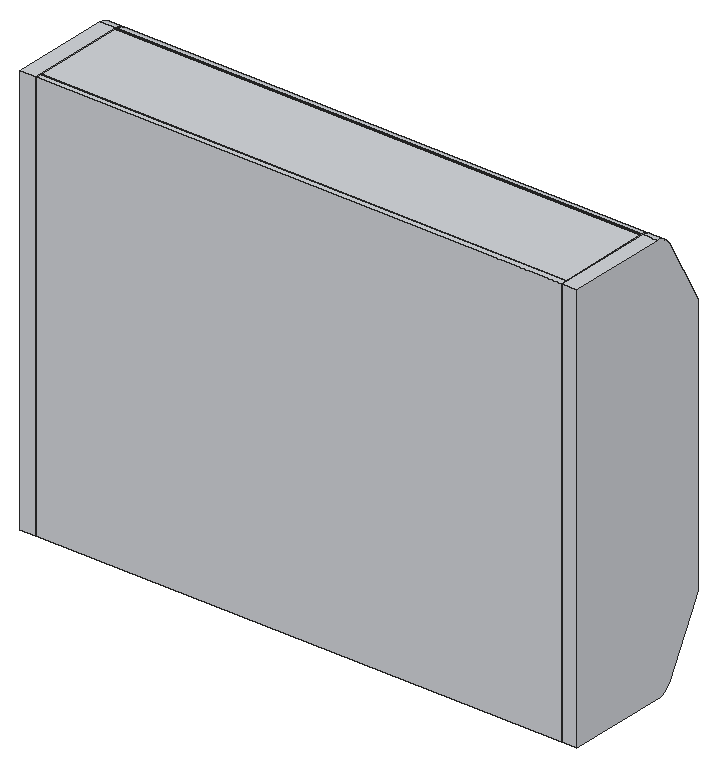
Revit family "Caspian LST 90 Mk1", category Mechanical Equipment, host Wall, Revit 2017
Family settings
  Host = Wall
  Round Connector Dimension = Use Diameter
  Part Type = Normal
  OmniClass Number = 23.75.00.00
  OmniClass Title = Climate Control (HVAC)
  Always vertical = Yes
  Cut with Voids When Loaded = No
  Shared = No
  Room Calculation Point = No
Parameters (values of type "Type 1")
  WarrantyStartDate [instance] = ""
  WarrantyGuarantorParts = ""
  WarrantyGuarantorLabor = ""
  WarrantyDurationUnit = ""
  WarrantyDurationParts = ""
  WarrantyDurationLabor = ""
  WarrantyDescription = "5 years from date of purchase"
  Version = ""
  Uniclass2015Version = ""
  Uniclass2015Title = ""
  Uniclass2015Reference = "Ss_60_40_37_51"
  Uniclass2015Code = ""
  URL = "http://smithsep.co.uk/products/caspian-universal/"
  TagNumber [instance] = ""
  SustainabilityPerformance = ""
  Specification = none
  Size = ""
  Shape = ""
  SerialNumber [instance] = ""
  Revision = "Rev1 - October 2016"
  ReplacementCost = ""
  ProductInformation = ""
  NominalWidth = 0 mm
  NominalLength = 0 mm
  NominalHeight = 0 mm
  Name = ""
  NBSReference = "T90 Heating systems"
  NBSDescription = ""
  ModelReference = ""
  ModelNumber = ""
  Model = "Caspian UV 60 MK1"
  Material = ""
  ManufacturerURL = "http://www.smithsep.co.uk/"
  Manufacturer = "Smiths Enviromental Products LTD"
  InstallationDate [instance] = ""
  Installation Guide = "http://smithsep.co.uk/wp-content/uploads/2016/09/Smiths-Caspian-Universal-Installation-and-User-Guide.pdf"
  IfcExportType = ""
  IfcExportAs = ""
  Grade = ""
  Finish = "Zinc-coated steel 1.2mm."
  Features = ""
  ExpectedLife = ""
  DurationUnit = ""
  Description = "One heating solution for a variety of applications - suitable for high, low or ceilingmounted\r\ninstallation, you can even turn it upside down."
  Data Sheet = "http://smithsep.co.uk/wp-content/uploads/2016/09/Smiths-Caspian-Universal-Data-Sheet.pdf"
  Constituents = ""
  Color = "Polyester powdercoated: White RAL 9010"
  CodePerformance = ""
  Category = ""
  BarCode [instance] = ""
  BIMObjectName = ""
  Author = ""
  AssetType = ""
  AssetIdentifier [instance] = ""
  Assembly Code = "D3020300"
  Accessories = none
  AccessibilityPerformance = ""
Reference planes
  plane 1 "Wall": y = 0
  plane 2 "Center (Left/Right)": x = 0
  plane 3 "Back": y = 75
Forms (mm)
  Sweep 1, solid, material <- "Specification"
    path origin (0, 0, 0) x (1, 0, 0) y (0, 1, 0)
      loop
        line (422.5, 75) -> (-422.5, 75)
    profile origin (0, 75, 0) x (0, -1, 0) y (0, 0, 1)
      loop
        arc (-183.157, 12.796) -> (-173.985, 3.435) -> (-161.338, 0) r 25
        line (-161.338, 0) -> (-159, 0) -> (-159, 10) -> (-10, 10) -> (-10, 0) -> (0, 0) -> (0, 660) -> (-10, 660) -> (-10, 650) -> (-159, 650) -> (-159, 660) -> (-161.338, 660)
        arc (-161.338, 660) -> (-173.985, 656.565) -> (-183.157, 647.204) r 25
        line (-183.157, 647.204) -> (-238.819, 547.687)
        arc (-238.819, 547.687) -> (-241.192, 541.789) -> (-242, 535.484) r 25
        line (-242, 535.484) -> (-232, 535.484) -> (-232, 124.516) -> (-242, 124.516)
        arc (-242, 124.516) -> (-241.192, 118.211) -> (-238.819, 112.313) r 25
        line (-238.819, 112.313) -> (-183.157, 12.796)
  Extrusion 2, solid, material <- "Specification"
    sketch origin (150, -20.181, 22.926) x (1, 0, 0) y (0, 1, 0)
      loop
        circle (252.5, 161.181) r 7.5
    from 251.074 to 317.074
  Extrusion 3, solid, material <- "Specification"
    sketch origin (150, 89.819, 22.926) x (1, 0, 0) y (0, 1, 0)
      loop
        circle (252.5, 161.181) r 7.5
    from 251.074 to 317.074
  Sweep 4, solid, material <- "Specification"
    path origin (-435, 0, 0) x (1, 0, 0) y (0, 1, 0)
      loop
        line (12.5, 75) -> (-12.5, 75)
    profile origin (-435, 75, 0) x (0, -1, 0) y (0, 0, 1)
      loop
        line (0, 0) -> (0, 660) -> (-161.338, 660)
        arc (-161.338, 660) -> (-173.985, 656.565) -> (-183.157, 647.204) r 25
        line (-183.157, 647.204) -> (-238.819, 547.687)
        arc (-238.819, 547.687) -> (-241.192, 541.789) -> (-242, 535.484) r 25
        line (-242, 535.484) -> (-242, 124.516)
        arc (-242, 124.516) -> (-241.192, 118.211) -> (-238.819, 112.313) r 25
        line (-238.819, 112.313) -> (-183.157, 12.796)
        arc (-183.157, 12.796) -> (-173.985, 3.435) -> (-161.338, 0) r 25
        line (-161.338, 0) -> (0, 0)
  Sweep 5, solid, material <- "Specification"
    path origin (435, 0, 0) x (-1, 0, 0) y (0, -1, 0)
      loop
        line (12.5, -75) -> (-12.5, -75)
    profile origin (435, 75, 0) x (0, 1, 0) y (0, 0, 1)
      loop
        line (0, 0) -> (161.338, 0)
        arc (161.338, 0) -> (173.985, 3.435) -> (183.157, 12.796) r 25
        line (183.157, 12.796) -> (238.819, 112.313)
        arc (238.819, 112.313) -> (241.192, 118.211) -> (242, 124.516) r 25
        line (242, 124.516) -> (242, 535.484)
        arc (242, 535.484) -> (241.192, 541.789) -> (238.819, 547.687) r 25
        line (238.819, 547.687) -> (183.157, 647.204)
        arc (183.157, 647.204) -> (173.985, 656.565) -> (161.338, 660) r 25
        line (161.338, 660) -> (0, 660) -> (0, 0)
  Sweep 6, solid
    path origin (0, 0, -9.273) x (1, 0, 0) y (0, 1, 0)
      loop
        line (422.5, 75) -> (-422.5, 75)
    profile origin (0, 75, -9.273) x (0, -1, 0) y (0, 0, 1)
      loop
        line (-242, 516.273) -> (-242, 162.273) -> (-232, 162.273) -> (-232, 516.273) -> (-242, 516.273)
  Sweep 7, solid, material <- "Specification"
    path origin (150, 591.273, 343) x (1, 0, 0) y (0, 0, 1)
      loop
        line (272.5, 75) -> (-572.5, 75)
    profile origin (0, 591.273, 418) x (0, 0, -1) y (0, -1, 0)
      loop
        line (-242, 506.273) -> (-242, 357.273) -> (-232, 357.273) -> (-232, 506.273) -> (-242, 506.273)
  Sweep 8, solid, material <- "Specification"
    path origin (0, 591.273, -307) x (1, 0, 0) y (0, 0, 1)
      loop
        line (422.5, 75) -> (-422.5, 75)
    profile origin (0, 591.273, -232) x (0, 0, -1) y (0, -1, 0)
      loop
        line (-242, 506.273) -> (-242, 357.273) -> (-232, 357.273) -> (-232, 506.273) -> (-242, 506.273)
  Sweep 9, solid, material <- "Specification"
    path origin (0, 0, 19.21) x (1, 0, 0) y (0, 1, 0)
      loop
        line (422.5, 75) -> (-422.5, 75)
    profile origin (0, 75, 19.21) x (0, -1, 0) y (0, 0, 1)
      loop
        line (-242, 516.273) -> (-242, 487.79) -> (-232, 487.79) -> (-232, 516.273) -> (-242, 516.273)
  Sweep 10, solid, material <- "Specification"
    path origin (0, 0, -363.273) x (1, 0, 0) y (0, 1, 0)
      loop
        line (422.5, 75) -> (-422.5, 75)
    profile origin (0, 75, -363.273) x (0, -1, 0) y (0, 0, 1)
      loop
        line (-242, 516.273) -> (-242, 487.79) -> (-232, 487.79) -> (-232, 516.273) -> (-242, 516.273)
  Extrusion 11, solid, material <- "Specification"
    sketch origin (131.231, 0, 0) x (0, 1, 0) y (0, 0, 1)
      loop
        line (310.877, 552.946) -> (309.269, 555.822) -> (307.087, 554.602) -> (308.696, 551.726) -> (310.877, 552.946)
    from 210 to 250
  Extrusion 12, solid, material <- "Specification"
    sketch origin (143.75, 0, 660) x (0, 1, 0) y (0, 0, 1)
      loop
        line (310.877, -552.946) -> (308.696, -551.726) -> (261.439, -636.214) -> (263.621, -637.435) -> (310.877, -552.946)
    from 247.5 to 250
  Extrusion 13, solid, material <- "Specification"
    sketch origin (138.75, 0, 660) x (0, 1, 0) y (0, 0, 1)
      loop
        line (310.877, -552.946) -> (308.696, -551.726) -> (261.439, -636.214) -> (263.621, -637.435) -> (310.877, -552.946)
    from 247.5 to 250
  Extrusion 14, solid, material <- "Specification"
    sketch origin (133.75, 0, 660) x (0, 1, 0) y (0, 0, 1)
      loop
        line (310.877, -552.946) -> (308.696, -551.726) -> (261.439, -636.214) -> (263.621, -637.435) -> (310.877, -552.946)
    from 247.5 to 250
  Extrusion 15, solid, material <- "Specification"
    sketch origin (128.75, 0, 660) x (0, 1, 0) y (0, 0, 1)
      loop
        line (310.877, -552.946) -> (308.696, -551.726) -> (261.439, -636.214) -> (263.621, -637.435) -> (310.877, -552.946)
    from 247.5 to 250
  Extrusion 16, solid, material <- "Specification"
    sketch origin (123.75, 0, 660) x (0, 1, 0) y (0, 0, 1)
      loop
        line (310.877, -552.946) -> (308.696, -551.726) -> (261.439, -636.214) -> (263.621, -637.435) -> (310.877, -552.946)
    from 247.5 to 250
  Extrusion 17, solid, material <- "Specification"
    sketch origin (118.75, 0, 660) x (0, 1, 0) y (0, 0, 1)
      loop
        line (310.877, -552.946) -> (308.696, -551.726) -> (261.439, -636.214) -> (263.621, -637.435) -> (310.877, -552.946)
    from 247.5 to 250
  Extrusion 18, solid, material <- "Specification"
    sketch origin (113.75, 0, 660) x (0, 1, 0) y (0, 0, 1)
      loop
        line (310.877, -552.946) -> (308.696, -551.726) -> (261.439, -636.214) -> (263.621, -637.435) -> (310.877, -552.946)
    from 247.5 to 250
  Extrusion 19, solid, material <- "Specification"
    sketch origin (108.75, 0, 660) x (0, 1, 0) y (0, 0, 1)
      loop
        line (310.877, -552.946) -> (308.696, -551.726) -> (261.439, -636.214) -> (263.621, -637.435) -> (310.877, -552.946)
    from 247.5 to 250
  Extrusion 20, solid, material <- "Specification"
    sketch origin (103.75, 0, 660) x (0, 1, 0) y (0, 0, 1)
      loop
        line (310.877, -552.946) -> (308.696, -551.726) -> (261.439, -636.214) -> (263.621, -637.435) -> (310.877, -552.946)
    from 247.5 to 250
  Extrusion 21, solid, material <- "Specification"
    sketch origin (98.75, 0, 660) x (0, 1, 0) y (0, 0, 1)
      loop
        line (310.877, -552.946) -> (308.696, -551.726) -> (261.439, -636.214) -> (263.621, -637.435) -> (310.877, -552.946)
    from 247.5 to 250
  Extrusion 22, solid, material <- "Specification"
    sketch origin (93.75, 0, 660) x (0, 1, 0) y (0, 0, 1)
      loop
        line (310.877, -552.946) -> (308.696, -551.726) -> (261.439, -636.214) -> (263.621, -637.435) -> (310.877, -552.946)
    from 247.5 to 250
  Extrusion 23, solid, material <- "Specification"
    sketch origin (88.75, 0, 660) x (0, 1, 0) y (0, 0, 1)
      loop
        line (310.877, -552.946) -> (308.696, -551.726) -> (261.439, -636.214) -> (263.621, -637.435) -> (310.877, -552.946)
    from 247.5 to 250
  Extrusion 24, solid, material <- "Specification"
    sketch origin (83.75, 0, 660) x (0, 1, 0) y (0, 0, 1)
      loop
        line (310.877, -552.946) -> (308.696, -551.726) -> (261.439, -636.214) -> (263.621, -637.435) -> (310.877, -552.946)
    from 247.5 to 250
  Extrusion 25, solid, material <- "Specification"
    sketch origin (78.75, 0, 660) x (0, 1, 0) y (0, 0, 1)
      loop
        line (310.877, -552.946) -> (308.696, -551.726) -> (261.439, -636.214) -> (263.621, -637.435) -> (310.877, -552.946)
    from 247.5 to 250
  Extrusion 26, solid, material <- "Specification"
    sketch origin (73.75, 0, 660) x (0, 1, 0) y (0, 0, 1)
      loop
        line (310.877, -552.946) -> (308.696, -551.726) -> (261.439, -636.214) -> (263.621, -637.435) -> (310.877, -552.946)
    from 247.5 to 250
  Extrusion 27, solid, material <- "Specification"
    sketch origin (68.75, 0, 660) x (0, 1, 0) y (0, 0, 1)
      loop
        line (310.877, -552.946) -> (308.696, -551.726) -> (261.439, -636.214) -> (263.621, -637.435) -> (310.877, -552.946)
    from 247.5 to 250
  Extrusion 28, solid, material <- "Specification"
    sketch origin (63.75, 0, 660) x (0, 1, 0) y (0, 0, 1)
      loop
        line (310.877, -552.946) -> (308.696, -551.726) -> (261.439, -636.214) -> (263.621, -637.435) -> (310.877, -552.946)
    from 247.5 to 250
  Extrusion 29, solid, material <- "Specification"
    sketch origin (58.75, 0, 660) x (0, 1, 0) y (0, 0, 1)
      loop
        line (310.877, -552.946) -> (308.696, -551.726) -> (261.439, -636.214) -> (263.621, -637.435) -> (310.877, -552.946)
    from 247.5 to 250
  Extrusion 30, solid, material <- "Specification"
    sketch origin (-96.25, 0, 660) x (0, 1, 0) y (0, 0, 1)
      loop
        line (310.877, -552.946) -> (308.696, -551.726) -> (261.439, -636.214) -> (263.621, -637.435) -> (310.877, -552.946)
    from 247.5 to 250
  Extrusion 31, solid, material <- "Specification"
    sketch origin (-101.25, 0, 660) x (0, 1, 0) y (0, 0, 1)
      loop
        line (310.877, -552.946) -> (308.696, -551.726) -> (261.439, -636.214) -> (263.621, -637.435) -> (310.877, -552.946)
    from 247.5 to 250
  Extrusion 32, solid, material <- "Specification"
    sketch origin (-106.25, 0, 660) x (0, 1, 0) y (0, 0, 1)
      loop
        line (310.877, -552.946) -> (308.696, -551.726) -> (261.439, -636.214) -> (263.621, -637.435) -> (310.877, -552.946)
    from 247.5 to 250
  Extrusion 33, solid, material <- "Specification"
    sketch origin (-111.25, 0, 660) x (0, 1, 0) y (0, 0, 1)
      loop
        line (310.877, -552.946) -> (308.696, -551.726) -> (261.439, -636.214) -> (263.621, -637.435) -> (310.877, -552.946)
    from 247.5 to 250
  Extrusion 34, solid, material <- "Specification"
    sketch origin (-116.25, 0, 660) x (0, 1, 0) y (0, 0, 1)
      loop
        line (310.877, -552.946) -> (308.696, -551.726) -> (261.439, -636.214) -> (263.621, -637.435) -> (310.877, -552.946)
    from 247.5 to 250
  Extrusion 35, solid, material <- "Specification"
    sketch origin (-121.25, 0, 660) x (0, 1, 0) y (0, 0, 1)
      loop
        line (310.877, -552.946) -> (308.696, -551.726) -> (261.439, -636.214) -> (263.621, -637.435) -> (310.877, -552.946)
    from 247.5 to 250
  Extrusion 36, solid, material <- "Specification"
    sketch origin (-126.25, 0, 660) x (0, 1, 0) y (0, 0, 1)
      loop
        line (310.877, -552.946) -> (308.696, -551.726) -> (261.439, -636.214) -> (263.621, -637.435) -> (310.877, -552.946)
    from 247.5 to 250
  Extrusion 37, solid, material <- "Specification"
    sketch origin (-131.25, 0, 660) x (0, 1, 0) y (0, 0, 1)
      loop
        line (310.877, -552.946) -> (308.696, -551.726) -> (261.439, -636.214) -> (263.621, -637.435) -> (310.877, -552.946)
    from 247.5 to 250
  Extrusion 38, solid, material <- "Specification"
    sketch origin (-136.25, 0, 660) x (0, 1, 0) y (0, 0, 1)
      loop
        line (310.877, -552.946) -> (308.696, -551.726) -> (261.439, -636.214) -> (263.621, -637.435) -> (310.877, -552.946)
    from 247.5 to 250
  Extrusion 39, solid, material <- "Specification"
    sketch origin (-141.25, 0, 660) x (0, 1, 0) y (0, 0, 1)
      loop
        line (310.877, -552.946) -> (308.696, -551.726) -> (261.439, -636.214) -> (263.621, -637.435) -> (310.877, -552.946)
    from 247.5 to 250
  Extrusion 40, solid, material <- "Specification"
    sketch origin (-146.25, 0, 660) x (0, 1, 0) y (0, 0, 1)
      loop
        line (310.877, -552.946) -> (308.696, -551.726) -> (261.439, -636.214) -> (263.621, -637.435) -> (310.877, -552.946)
    from 247.5 to 250
  Extrusion 41, solid, material <- "Specification"
    sketch origin (-151.25, 0, 660) x (0, 1, 0) y (0, 0, 1)
      loop
        line (310.877, -552.946) -> (308.696, -551.726) -> (261.439, -636.214) -> (263.621, -637.435) -> (310.877, -552.946)
    from 247.5 to 250
  Extrusion 42, solid, material <- "Specification"
    sketch origin (-156.25, 0, 660) x (0, 1, 0) y (0, 0, 1)
      loop
        line (310.877, -552.946) -> (308.696, -551.726) -> (261.439, -636.214) -> (263.621, -637.435) -> (310.877, -552.946)
    from 247.5 to 250
  Extrusion 43, solid, material <- "Specification"
    sketch origin (-161.25, 0, 660) x (0, 1, 0) y (0, 0, 1)
      loop
        line (310.877, -552.946) -> (308.696, -551.726) -> (261.439, -636.214) -> (263.621, -637.435) -> (310.877, -552.946)
    from 247.5 to 250
  Extrusion 44, solid, material <- "Specification"
    sketch origin (-166.25, 0, 660) x (0, 1, 0) y (0, 0, 1)
      loop
        line (310.877, -552.946) -> (308.696, -551.726) -> (261.439, -636.214) -> (263.621, -637.435) -> (310.877, -552.946)
    from 247.5 to 250
  Extrusion 45, solid, material <- "Specification"
    sketch origin (-171.25, 0, 660) x (0, 1, 0) y (0, 0, 1)
      loop
        line (310.877, -552.946) -> (308.696, -551.726) -> (261.439, -636.214) -> (263.621, -637.435) -> (310.877, -552.946)
    from 247.5 to 250
  Extrusion 46, solid, material <- "Specification"
    sketch origin (-176.25, 0, 660) x (0, 1, 0) y (0, 0, 1)
      loop
        line (310.877, -552.946) -> (308.696, -551.726) -> (261.439, -636.214) -> (263.621, -637.435) -> (310.877, -552.946)
    from 247.5 to 250
  Extrusion 47, solid, material <- "Specification"
    sketch origin (-181.25, 0, 660) x (0, 1, 0) y (0, 0, 1)
      loop
        line (310.877, -552.946) -> (308.696, -551.726) -> (261.439, -636.214) -> (263.621, -637.435) -> (310.877, -552.946)
    from 247.5 to 250
  Extrusion 48, solid, material <- "Specification"
    sketch origin (-186.25, 0, 660) x (0, 1, 0) y (0, 0, 1)
      loop
        line (310.877, -552.946) -> (308.696, -551.726) -> (261.439, -636.214) -> (263.621, -637.435) -> (310.877, -552.946)
    from 247.5 to 250
  Extrusion 49, solid, material <- "Specification"
    sketch origin (-191.25, 0, 660) x (0, 1, 0) y (0, 0, 1)
      loop
        line (310.877, -552.946) -> (308.696, -551.726) -> (261.439, -636.214) -> (263.621, -637.435) -> (310.877, -552.946)
    from 247.5 to 250
  Extrusion 50, solid, material <- "Specification"
    sketch origin (-196.25, 0, 660) x (0, 1, 0) y (0, 0, 1)
      loop
        line (310.877, -552.946) -> (308.696, -551.726) -> (261.439, -636.214) -> (263.621, -637.435) -> (310.877, -552.946)
    from 247.5 to 250
  Extrusion 51, solid, material <- "Specification"
    sketch origin (-201.25, 0, 660) x (0, 1, 0) y (0, 0, 1)
      loop
        line (310.877, -552.946) -> (308.696, -551.726) -> (261.439, -636.214) -> (263.621, -637.435) -> (310.877, -552.946)
    from 247.5 to 250
  Extrusion 52, solid, material <- "Specification"
    sketch origin (-206.25, 0, 660) x (0, 1, 0) y (0, 0, 1)
      loop
        line (310.877, -552.946) -> (308.696, -551.726) -> (261.439, -636.214) -> (263.621, -637.435) -> (310.877, -552.946)
    from 247.5 to 250
  Extrusion 53, solid, material <- "Specification"
    sketch origin (-211.25, 0, 660) x (0, 1, 0) y (0, 0, 1)
      loop
        line (310.877, -552.946) -> (308.696, -551.726) -> (261.439, -636.214) -> (263.621, -637.435) -> (310.877, -552.946)
    from 247.5 to 250
  Extrusion 54, solid, material <- "Specification"
    sketch origin (-216.25, 0, 660) x (0, 1, 0) y (0, 0, 1)
      loop
        line (310.877, -552.946) -> (308.696, -551.726) -> (261.439, -636.214) -> (263.621, -637.435) -> (310.877, -552.946)
    from 247.5 to 250
  Extrusion 55, solid, material <- "Specification"
    sketch origin (-221.25, 0, 660) x (0, 1, 0) y (0, 0, 1)
      loop
        line (310.877, -552.946) -> (308.696, -551.726) -> (261.439, -636.214) -> (263.621, -637.435) -> (310.877, -552.946)
    from 247.5 to 250
  Extrusion 56, solid, material <- "Specification"
    sketch origin (-226.25, 0, 660) x (0, 1, 0) y (0, 0, 1)
      loop
        line (310.877, -552.946) -> (308.696, -551.726) -> (261.439, -636.214) -> (263.621, -637.435) -> (310.877, -552.946)
    from 247.5 to 250
  Extrusion 57, solid, material <- "Specification"
    sketch origin (-231.25, 0, 660) x (0, 1, 0) y (0, 0, 1)
      loop
        line (310.877, -552.946) -> (308.696, -551.726) -> (261.439, -636.214) -> (263.621, -637.435) -> (310.877, -552.946)
    from 247.5 to 250
  Extrusion 58, solid, material <- "Specification"
    sketch origin (-236.25, 0, 660) x (0, 1, 0) y (0, 0, 1)
      loop
        line (310.877, -552.946) -> (308.696, -551.726) -> (261.439, -636.214) -> (263.621, -637.435) -> (310.877, -552.946)
    from 247.5 to 250
  Extrusion 59, solid, material <- "Specification"
    sketch origin (-241.231, 0.436, 660) x (0, 1, 0) y (0, 0, 1)
      loop
        line (310.877, -552.946) -> (308.696, -551.726) -> (261.439, -636.214) -> (263.621, -637.435) -> (310.877, -552.946)
    from 247.5 to 250
  Extrusion 60, solid, material <- "Specification"
    sketch origin (-246.231, 0.436, 660) x (0, 1, 0) y (0, 0, 1)
      loop
        line (310.877, -552.946) -> (308.696, -551.726) -> (261.439, -636.214) -> (263.621, -637.435) -> (310.877, -552.946)
    from 247.5 to 250
  Extrusion 61, solid, material <- "Specification"
    sketch origin (86.231, 0, 0) x (0, 1, 0) y (0, 0, 1)
      loop
        line (310.877, 552.946) -> (309.269, 555.822) -> (307.087, 554.602) -> (308.696, 551.726) -> (310.877, 552.946)
    from 210 to 250
  Extrusion 62, solid, material <- "Specification"
    sketch origin (-93.769, 0, 0) x (0, 1, 0) y (0, 0, 1)
      loop
        line (310.877, 552.946) -> (309.269, 555.822) -> (307.087, 554.602) -> (308.696, 551.726) -> (310.877, 552.946)
    from 210 to 250
  Extrusion 63, solid, material <- "Specification"
    sketch origin (-138.769, 0, 0) x (0, 1, 0) y (0, 0, 1)
      loop
        line (310.877, 552.946) -> (309.269, 555.822) -> (307.087, 554.602) -> (308.696, 551.726) -> (310.877, 552.946)
    from 210 to 250
  Extrusion 64, solid, material <- "Specification"
    sketch origin (-183.769, 0, 0) x (0, 1, 0) y (0, 0, 1)
      loop
        line (310.877, 552.946) -> (309.269, 555.822) -> (307.087, 554.602) -> (308.696, 551.726) -> (310.877, 552.946)
    from 210 to 250
  Extrusion 65, solid, material <- "Specification"
    sketch origin (-228.769, 0, 0) x (0, 1, 0) y (0, 0, 1)
      loop
        line (310.877, 552.946) -> (309.269, 555.822) -> (307.087, 554.602) -> (308.696, 551.726) -> (310.877, 552.946)
    from 210 to 250
  Extrusion 66, solid, material <- "Specification"
    sketch origin (131.231, -3.195, 5.713) x (0, 1, 0) y (0, 0, 1)
      loop
        line (310.877, 552.946) -> (309.269, 555.822) -> (307.087, 554.602) -> (308.696, 551.726) -> (310.877, 552.946)
    from 210 to 250
  Extrusion 67, solid, material <- "Specification"
    sketch origin (86.231, -3.195, 5.713) x (0, 1, 0) y (0, 0, 1)
      loop
        line (310.877, 552.946) -> (309.269, 555.822) -> (307.087, 554.602) -> (308.696, 551.726) -> (310.877, 552.946)
    from 210 to 250
  Extrusion 68, solid, material <- "Specification"
    sketch origin (-93.769, -3.195, 5.713) x (0, 1, 0) y (0, 0, 1)
      loop
        line (310.877, 552.946) -> (309.269, 555.822) -> (307.087, 554.602) -> (308.696, 551.726) -> (310.877, 552.946)
    from 210 to 250
  Extrusion 69, solid, material <- "Specification"
    sketch origin (-138.769, -3.195, 5.713) x (0, 1, 0) y (0, 0, 1)
      loop
        line (310.877, 552.946) -> (309.269, 555.822) -> (307.087, 554.602) -> (308.696, 551.726) -> (310.877, 552.946)
    from 210 to 250
  Extrusion 70, solid, material <- "Specification"
    sketch origin (-183.769, -3.195, 5.713) x (0, 1, 0) y (0, 0, 1)
      loop
        line (310.877, 552.946) -> (309.269, 555.822) -> (307.087, 554.602) -> (308.696, 551.726) -> (310.877, 552.946)
    from 210 to 250
  Extrusion 71, solid, material <- "Specification"
    sketch origin (-228.769, -3.195, 5.713) x (0, 1, 0) y (0, 0, 1)
      loop
        line (310.877, 552.946) -> (309.269, 555.822) -> (307.087, 554.602) -> (308.696, 551.726) -> (310.877, 552.946)
    from 210 to 250
  Extrusion 72, solid, material <- "Specification"
    sketch origin (131.231, -6.391, 11.426) x (0, 1, 0) y (0, 0, 1)
      loop
        line (310.877, 552.946) -> (309.269, 555.822) -> (307.087, 554.602) -> (308.696, 551.726) -> (310.877, 552.946)
    from 210 to 250
  Extrusion 73, solid, material <- "Specification"
    sketch origin (86.231, -6.391, 11.426) x (0, 1, 0) y (0, 0, 1)
      loop
        line (310.877, 552.946) -> (309.269, 555.822) -> (307.087, 554.602) -> (308.696, 551.726) -> (310.877, 552.946)
    from 210 to 250
  Extrusion 74, solid, material <- "Specification"
    sketch origin (-93.769, -6.391, 11.426) x (0, 1, 0) y (0, 0, 1)
      loop
        line (310.877, 552.946) -> (309.269, 555.822) -> (307.087, 554.602) -> (308.696, 551.726) -> (310.877, 552.946)
    from 210 to 250
  Extrusion 75, solid, material <- "Specification"
    sketch origin (-138.769, -6.391, 11.426) x (0, 1, 0) y (0, 0, 1)
      loop
        line (310.877, 552.946) -> (309.269, 555.822) -> (307.087, 554.602) -> (308.696, 551.726) -> (310.877, 552.946)
    from 210 to 250
  Extrusion 76, solid, material <- "Specification"
    sketch origin (-183.769, -6.391, 11.426) x (0, 1, 0) y (0, 0, 1)
      loop
        line (310.877, 552.946) -> (309.269, 555.822) -> (307.087, 554.602) -> (308.696, 551.726) -> (310.877, 552.946)
    from 210 to 250
  Extrusion 77, solid, material <- "Specification"
    sketch origin (-228.769, -6.391, 11.426) x (0, 1, 0) y (0, 0, 1)
      loop
        line (310.877, 552.946) -> (309.269, 555.822) -> (307.087, 554.602) -> (308.696, 551.726) -> (310.877, 552.946)
    from 210 to 250
  Extrusion 78, solid, material <- "Specification"
    sketch origin (131.231, -9.586, 17.138) x (0, 1, 0) y (0, 0, 1)
      loop
        line (310.877, 552.946) -> (309.269, 555.822) -> (307.087, 554.602) -> (308.696, 551.726) -> (310.877, 552.946)
    from 210 to 250
  Extrusion 79, solid, material <- "Specification"
    sketch origin (86.231, -9.586, 17.138) x (0, 1, 0) y (0, 0, 1)
      loop
        line (310.877, 552.946) -> (309.269, 555.822) -> (307.087, 554.602) -> (308.696, 551.726) -> (310.877, 552.946)
    from 210 to 250
  Extrusion 80, solid, material <- "Specification"
    sketch origin (-93.769, -9.586, 17.138) x (0, 1, 0) y (0, 0, 1)
      loop
        line (310.877, 552.946) -> (309.269, 555.822) -> (307.087, 554.602) -> (308.696, 551.726) -> (310.877, 552.946)
    from 210 to 250
  Extrusion 81, solid, material <- "Specification"
    sketch origin (-138.769, -9.586, 17.138) x (0, 1, 0) y (0, 0, 1)
      loop
        line (310.877, 552.946) -> (309.269, 555.822) -> (307.087, 554.602) -> (308.696, 551.726) -> (310.877, 552.946)
    from 210 to 250
  Extrusion 82, solid, material <- "Specification"
    sketch origin (-183.769, -9.586, 17.138) x (0, 1, 0) y (0, 0, 1)
      loop
        line (310.877, 552.946) -> (309.269, 555.822) -> (307.087, 554.602) -> (308.696, 551.726) -> (310.877, 552.946)
    from 210 to 250
  Extrusion 83, solid, material <- "Specification"
    sketch origin (-228.769, -9.586, 17.138) x (0, 1, 0) y (0, 0, 1)
      loop
        line (310.877, 552.946) -> (309.269, 555.822) -> (307.087, 554.602) -> (308.696, 551.726) -> (310.877, 552.946)
    from 210 to 250
  Extrusion 84, solid, material <- "Specification"
    sketch origin (131.231, -12.781, 22.851) x (0, 1, 0) y (0, 0, 1)
      loop
        line (310.877, 552.946) -> (309.269, 555.822) -> (307.087, 554.602) -> (308.696, 551.726) -> (310.877, 552.946)
    from 210 to 250
  Extrusion 85, solid, material <- "Specification"
    sketch origin (86.231, -12.781, 22.851) x (0, 1, 0) y (0, 0, 1)
      loop
        line (310.877, 552.946) -> (309.269, 555.822) -> (307.087, 554.602) -> (308.696, 551.726) -> (310.877, 552.946)
    from 210 to 250
  Extrusion 86, solid, material <- "Specification"
    sketch origin (-93.769, -12.781, 22.851) x (0, 1, 0) y (0, 0, 1)
      loop
        line (310.877, 552.946) -> (309.269, 555.822) -> (307.087, 554.602) -> (308.696, 551.726) -> (310.877, 552.946)
    from 210 to 250
  Extrusion 87, solid, material <- "Specification"
    sketch origin (-138.769, -12.781, 22.851) x (0, 1, 0) y (0, 0, 1)
      loop
        line (310.877, 552.946) -> (309.269, 555.822) -> (307.087, 554.602) -> (308.696, 551.726) -> (310.877, 552.946)
    from 210 to 250
  Extrusion 88, solid, material <- "Specification"
    sketch origin (-183.769, -12.781, 22.851) x (0, 1, 0) y (0, 0, 1)
      loop
        line (310.877, 552.946) -> (309.269, 555.822) -> (307.087, 554.602) -> (308.696, 551.726) -> (310.877, 552.946)
    from 210 to 250
  Extrusion 89, solid, material <- "Specification"
    sketch origin (-228.769, -12.781, 22.851) x (0, 1, 0) y (0, 0, 1)
      loop
        line (310.877, 552.946) -> (309.269, 555.822) -> (307.087, 554.602) -> (308.696, 551.726) -> (310.877, 552.946)
    from 210 to 250
  Extrusion 90, solid, material <- "Specification"
    sketch origin (131.231, -15.976, 28.564) x (0, 1, 0) y (0, 0, 1)
      loop
        line (310.877, 552.946) -> (309.269, 555.822) -> (307.087, 554.602) -> (308.696, 551.726) -> (310.877, 552.946)
    from 210 to 250
  Extrusion 91, solid, material <- "Specification"
    sketch origin (86.231, -15.976, 28.564) x (0, 1, 0) y (0, 0, 1)
      loop
        line (310.877, 552.946) -> (309.269, 555.822) -> (307.087, 554.602) -> (308.696, 551.726) -> (310.877, 552.946)
    from 210 to 250
  Extrusion 92, solid, material <- "Specification"
    sketch origin (-93.769, -15.976, 28.564) x (0, 1, 0) y (0, 0, 1)
      loop
        line (310.877, 552.946) -> (309.269, 555.822) -> (307.087, 554.602) -> (308.696, 551.726) -> (310.877, 552.946)
    from 210 to 250
  Extrusion 93, solid, material <- "Specification"
    sketch origin (-138.769, -15.976, 28.564) x (0, 1, 0) y (0, 0, 1)
      loop
        line (310.877, 552.946) -> (309.269, 555.822) -> (307.087, 554.602) -> (308.696, 551.726) -> (310.877, 552.946)
    from 210 to 250
  Extrusion 94, solid, material <- "Specification"
    sketch origin (-183.769, -15.976, 28.564) x (0, 1, 0) y (0, 0, 1)
      loop
        line (310.877, 552.946) -> (309.269, 555.822) -> (307.087, 554.602) -> (308.696, 551.726) -> (310.877, 552.946)
    from 210 to 250
  Extrusion 95, solid, material <- "Specification"
    sketch origin (-228.769, -15.976, 28.564) x (0, 1, 0) y (0, 0, 1)
      loop
        line (310.877, 552.946) -> (309.269, 555.822) -> (307.087, 554.602) -> (308.696, 551.726) -> (310.877, 552.946)
    from 210 to 250
  Extrusion 96, solid, material <- "Specification"
    sketch origin (131.231, -19.172, 34.277) x (0, 1, 0) y (0, 0, 1)
      loop
        line (310.877, 552.946) -> (309.269, 555.822) -> (307.087, 554.602) -> (308.696, 551.726) -> (310.877, 552.946)
    from 210 to 250
  Extrusion 97, solid, material <- "Specification"
    sketch origin (86.231, -19.172, 34.277) x (0, 1, 0) y (0, 0, 1)
      loop
        line (310.877, 552.946) -> (309.269, 555.822) -> (307.087, 554.602) -> (308.696, 551.726) -> (310.877, 552.946)
    from 210 to 250
  Extrusion 98, solid, material <- "Specification"
    sketch origin (-93.769, -19.172, 34.277) x (0, 1, 0) y (0, 0, 1)
      loop
        line (310.877, 552.946) -> (309.269, 555.822) -> (307.087, 554.602) -> (308.696, 551.726) -> (310.877, 552.946)
    from 210 to 250
  Extrusion 99, solid, material <- "Specification"
    sketch origin (-138.769, -19.172, 34.277) x (0, 1, 0) y (0, 0, 1)
      loop
        line (310.877, 552.946) -> (309.269, 555.822) -> (307.087, 554.602) -> (308.696, 551.726) -> (310.877, 552.946)
    from 210 to 250
  Extrusion 100, solid, material <- "Specification"
    sketch origin (-183.769, -19.172, 34.277) x (0, 1, 0) y (0, 0, 1)
      loop
        line (310.877, 552.946) -> (309.269, 555.822) -> (307.087, 554.602) -> (308.696, 551.726) -> (310.877, 552.946)
    from 210 to 250
  Extrusion 101, solid, material <- "Specification"
    sketch origin (-228.769, -19.172, 34.277) x (0, 1, 0) y (0, 0, 1)
      loop
        line (310.877, 552.946) -> (309.269, 555.822) -> (307.087, 554.602) -> (308.696, 551.726) -> (310.877, 552.946)
    from 210 to 250
  Extrusion 102, solid, material <- "Specification"
    sketch origin (131.231, -22.367, 39.99) x (0, 1, 0) y (0, 0, 1)
      loop
        line (310.877, 552.946) -> (309.269, 555.822) -> (307.087, 554.602) -> (308.696, 551.726) -> (310.877, 552.946)
    from 210 to 250
  Extrusion 103, solid, material <- "Specification"
    sketch origin (86.231, -22.367, 39.99) x (0, 1, 0) y (0, 0, 1)
      loop
        line (310.877, 552.946) -> (309.269, 555.822) -> (307.087, 554.602) -> (308.696, 551.726) -> (310.877, 552.946)
    from 210 to 250
  Extrusion 104, solid, material <- "Specification"
    sketch origin (-93.769, -22.367, 39.99) x (0, 1, 0) y (0, 0, 1)
      loop
        line (310.877, 552.946) -> (309.269, 555.822) -> (307.087, 554.602) -> (308.696, 551.726) -> (310.877, 552.946)
    from 210 to 250
  Extrusion 105, solid, material <- "Specification"
    sketch origin (-138.769, -22.367, 39.99) x (0, 1, 0) y (0, 0, 1)
      loop
        line (310.877, 552.946) -> (309.269, 555.822) -> (307.087, 554.602) -> (308.696, 551.726) -> (310.877, 552.946)
    from 210 to 250
  Extrusion 106, solid, material <- "Specification"
    sketch origin (-183.769, -22.367, 39.99) x (0, 1, 0) y (0, 0, 1)
      loop
        line (310.877, 552.946) -> (309.269, 555.822) -> (307.087, 554.602) -> (308.696, 551.726) -> (310.877, 552.946)
    from 210 to 250
  Extrusion 107, solid, material <- "Specification"
    sketch origin (-228.769, -22.367, 39.99) x (0, 1, 0) y (0, 0, 1)
      loop
        line (310.877, 552.946) -> (309.269, 555.822) -> (307.087, 554.602) -> (308.696, 551.726) -> (310.877, 552.946)
    from 210 to 250
  Extrusion 108, solid, material <- "Specification"
    sketch origin (131.231, -25.562, 45.702) x (0, 1, 0) y (0, 0, 1)
      loop
        line (310.877, 552.946) -> (309.269, 555.822) -> (307.087, 554.602) -> (308.696, 551.726) -> (310.877, 552.946)
    from 210 to 250
  Extrusion 109, solid, material <- "Specification"
    sketch origin (86.231, -25.562, 45.702) x (0, 1, 0) y (0, 0, 1)
      loop
        line (310.877, 552.946) -> (309.269, 555.822) -> (307.087, 554.602) -> (308.696, 551.726) -> (310.877, 552.946)
    from 210 to 250
  Extrusion 110, solid, material <- "Specification"
    sketch origin (-93.769, -25.562, 45.702) x (0, 1, 0) y (0, 0, 1)
      loop
        line (310.877, 552.946) -> (309.269, 555.822) -> (307.087, 554.602) -> (308.696, 551.726) -> (310.877, 552.946)
    from 210 to 250
  Extrusion 111, solid, material <- "Specification"
    sketch origin (-138.769, -25.562, 45.702) x (0, 1, 0) y (0, 0, 1)
      loop
        line (310.877, 552.946) -> (309.269, 555.822) -> (307.087, 554.602) -> (308.696, 551.726) -> (310.877, 552.946)
    from 210 to 250
  Extrusion 112, solid, material <- "Specification"
    sketch origin (-183.769, -25.562, 45.702) x (0, 1, 0) y (0, 0, 1)
      loop
        line (310.877, 552.946) -> (309.269, 555.822) -> (307.087, 554.602) -> (308.696, 551.726) -> (310.877, 552.946)
    from 210 to 250
  Extrusion 113, solid, material <- "Specification"
    sketch origin (-228.769, -25.562, 45.702) x (0, 1, 0) y (0, 0, 1)
      loop
        line (310.877, 552.946) -> (309.269, 555.822) -> (307.087, 554.602) -> (308.696, 551.726) -> (310.877, 552.946)
    from 210 to 250
  Extrusion 114, solid, material <- "Specification"
    sketch origin (131.231, -28.758, 51.415) x (0, 1, 0) y (0, 0, 1)
      loop
        line (310.877, 552.946) -> (309.269, 555.822) -> (307.087, 554.602) -> (308.696, 551.726) -> (310.877, 552.946)
    from 210 to 250
  Extrusion 115, solid, material <- "Specification"
    sketch origin (86.231, -28.758, 51.415) x (0, 1, 0) y (0, 0, 1)
      loop
        line (310.877, 552.946) -> (309.269, 555.822) -> (307.087, 554.602) -> (308.696, 551.726) -> (310.877, 552.946)
    from 210 to 250
  Extrusion 116, solid, material <- "Specification"
    sketch origin (-93.769, -28.758, 51.415) x (0, 1, 0) y (0, 0, 1)
      loop
        line (310.877, 552.946) -> (309.269, 555.822) -> (307.087, 554.602) -> (308.696, 551.726) -> (310.877, 552.946)
    from 210 to 250
  Extrusion 117, solid, material <- "Specification"
    sketch origin (-138.769, -28.758, 51.415) x (0, 1, 0) y (0, 0, 1)
      loop
        line (310.877, 552.946) -> (309.269, 555.822) -> (307.087, 554.602) -> (308.696, 551.726) -> (310.877, 552.946)
    from 210 to 250
  Extrusion 118, solid, material <- "Specification"
    sketch origin (-183.769, -28.758, 51.415) x (0, 1, 0) y (0, 0, 1)
      loop
        line (310.877, 552.946) -> (309.269, 555.822) -> (307.087, 554.602) -> (308.696, 551.726) -> (310.877, 552.946)
    from 210 to 250
  Extrusion 119, solid, material <- "Specification"
    sketch origin (-228.769, -28.758, 51.415) x (0, 1, 0) y (0, 0, 1)
      loop
        line (310.877, 552.946) -> (309.269, 555.822) -> (307.087, 554.602) -> (308.696, 551.726) -> (310.877, 552.946)
    from 210 to 250
  Extrusion 120, solid, material <- "Specification"
    sketch origin (131.231, -31.953, 57.128) x (0, 1, 0) y (0, 0, 1)
      loop
        line (310.877, 552.946) -> (309.269, 555.822) -> (307.087, 554.602) -> (308.696, 551.726) -> (310.877, 552.946)
    from 210 to 250
  Extrusion 121, solid, material <- "Specification"
    sketch origin (86.231, -31.953, 57.128) x (0, 1, 0) y (0, 0, 1)
      loop
        line (310.877, 552.946) -> (309.269, 555.822) -> (307.087, 554.602) -> (308.696, 551.726) -> (310.877, 552.946)
    from 210 to 250
  Extrusion 122, solid, material <- "Specification"
    sketch origin (-93.769, -31.953, 57.128) x (0, 1, 0) y (0, 0, 1)
      loop
        line (310.877, 552.946) -> (309.269, 555.822) -> (307.087, 554.602) -> (308.696, 551.726) -> (310.877, 552.946)
    from 210 to 250
  Extrusion 123, solid, material <- "Specification"
    sketch origin (-138.769, -31.953, 57.128) x (0, 1, 0) y (0, 0, 1)
      loop
        line (310.877, 552.946) -> (309.269, 555.822) -> (307.087, 554.602) -> (308.696, 551.726) -> (310.877, 552.946)
    from 210 to 250
  Extrusion 124, solid, material <- "Specification"
    sketch origin (-183.769, -31.953, 57.128) x (0, 1, 0) y (0, 0, 1)
      loop
        line (310.877, 552.946) -> (309.269, 555.822) -> (307.087, 554.602) -> (308.696, 551.726) -> (310.877, 552.946)
    from 210 to 250
  Extrusion 125, solid, material <- "Specification"
    sketch origin (-228.769, -31.953, 57.128) x (0, 1, 0) y (0, 0, 1)
      loop
        line (310.877, 552.946) -> (309.269, 555.822) -> (307.087, 554.602) -> (308.696, 551.726) -> (310.877, 552.946)
    from 210 to 250
  Extrusion 126, solid, material <- "Specification"
    sketch origin (131.231, -35.148, 62.841) x (0, 1, 0) y (0, 0, 1)
      loop
        line (310.877, 552.946) -> (309.269, 555.822) -> (307.087, 554.602) -> (308.696, 551.726) -> (310.877, 552.946)
    from 210 to 250
  Extrusion 127, solid, material <- "Specification"
    sketch origin (86.231, -35.148, 62.841) x (0, 1, 0) y (0, 0, 1)
      loop
        line (310.877, 552.946) -> (309.269, 555.822) -> (307.087, 554.602) -> (308.696, 551.726) -> (310.877, 552.946)
    from 210 to 250
  Extrusion 128, solid, material <- "Specification"
    sketch origin (-93.769, -35.148, 62.841) x (0, 1, 0) y (0, 0, 1)
      loop
        line (310.877, 552.946) -> (309.269, 555.822) -> (307.087, 554.602) -> (308.696, 551.726) -> (310.877, 552.946)
    from 210 to 250
  Extrusion 129, solid, material <- "Specification"
    sketch origin (-138.769, -35.148, 62.841) x (0, 1, 0) y (0, 0, 1)
      loop
        line (310.877, 552.946) -> (309.269, 555.822) -> (307.087, 554.602) -> (308.696, 551.726) -> (310.877, 552.946)
    from 210 to 250
  Extrusion 130, solid, material <- "Specification"
    sketch origin (-183.769, -35.148, 62.841) x (0, 1, 0) y (0, 0, 1)
      loop
        line (310.877, 552.946) -> (309.269, 555.822) -> (307.087, 554.602) -> (308.696, 551.726) -> (310.877, 552.946)
    from 210 to 250
  Extrusion 131, solid, material <- "Specification"
    sketch origin (-228.769, -35.148, 62.841) x (0, 1, 0) y (0, 0, 1)
      loop
        line (310.877, 552.946) -> (309.269, 555.822) -> (307.087, 554.602) -> (308.696, 551.726) -> (310.877, 552.946)
    from 210 to 250
  Extrusion 132, solid, material <- "Specification"
    sketch origin (131.231, -38.344, 68.554) x (0, 1, 0) y (0, 0, 1)
      loop
        line (310.877, 552.946) -> (309.269, 555.822) -> (307.087, 554.602) -> (308.696, 551.726) -> (310.877, 552.946)
    from 210 to 250
  Extrusion 133, solid, material <- "Specification"
    sketch origin (86.231, -38.344, 68.554) x (0, 1, 0) y (0, 0, 1)
      loop
        line (310.877, 552.946) -> (309.269, 555.822) -> (307.087, 554.602) -> (308.696, 551.726) -> (310.877, 552.946)
    from 210 to 250
  Extrusion 134, solid, material <- "Specification"
    sketch origin (-93.769, -38.344, 68.554) x (0, 1, 0) y (0, 0, 1)
      loop
        line (310.877, 552.946) -> (309.269, 555.822) -> (307.087, 554.602) -> (308.696, 551.726) -> (310.877, 552.946)
    from 210 to 250
  Extrusion 135, solid, material <- "Specification"
    sketch origin (-138.769, -38.344, 68.554) x (0, 1, 0) y (0, 0, 1)
      loop
        line (310.877, 552.946) -> (309.269, 555.822) -> (307.087, 554.602) -> (308.696, 551.726) -> (310.877, 552.946)
    from 210 to 250
  Extrusion 136, solid, material <- "Specification"
    sketch origin (-183.769, -38.344, 68.554) x (0, 1, 0) y (0, 0, 1)
      loop
        line (310.877, 552.946) -> (309.269, 555.822) -> (307.087, 554.602) -> (308.696, 551.726) -> (310.877, 552.946)
    from 210 to 250
  Extrusion 137, solid, material <- "Specification"
    sketch origin (-228.769, -38.344, 68.554) x (0, 1, 0) y (0, 0, 1)
      loop
        line (310.877, 552.946) -> (309.269, 555.822) -> (307.087, 554.602) -> (308.696, 551.726) -> (310.877, 552.946)
    from 210 to 250
  Extrusion 138, solid, material <- "Specification"
    sketch origin (131.231, -41.539, 74.266) x (0, 1, 0) y (0, 0, 1)
      loop
        line (310.877, 552.946) -> (309.269, 555.822) -> (307.087, 554.602) -> (308.696, 551.726) -> (310.877, 552.946)
    from 210 to 250
  Extrusion 139, solid, material <- "Specification"
    sketch origin (86.231, -41.539, 74.266) x (0, 1, 0) y (0, 0, 1)
      loop
        line (310.877, 552.946) -> (309.269, 555.822) -> (307.087, 554.602) -> (308.696, 551.726) -> (310.877, 552.946)
    from 210 to 250
  Extrusion 140, solid, material <- "Specification"
    sketch origin (-93.769, -41.539, 74.266) x (0, 1, 0) y (0, 0, 1)
      loop
        line (310.877, 552.946) -> (309.269, 555.822) -> (307.087, 554.602) -> (308.696, 551.726) -> (310.877, 552.946)
    from 210 to 250
  Extrusion 141, solid, material <- "Specification"
    sketch origin (-138.769, -41.539, 74.266) x (0, 1, 0) y (0, 0, 1)
      loop
        line (310.877, 552.946) -> (309.269, 555.822) -> (307.087, 554.602) -> (308.696, 551.726) -> (310.877, 552.946)
    from 210 to 250
  Extrusion 142, solid, material <- "Specification"
    sketch origin (-183.769, -41.539, 74.266) x (0, 1, 0) y (0, 0, 1)
      loop
        line (310.877, 552.946) -> (309.269, 555.822) -> (307.087, 554.602) -> (308.696, 551.726) -> (310.877, 552.946)
    from 210 to 250
  Extrusion 143, solid, material <- "Specification"
    sketch origin (-228.769, -41.539, 74.266) x (0, 1, 0) y (0, 0, 1)
      loop
        line (310.877, 552.946) -> (309.269, 555.822) -> (307.087, 554.602) -> (308.696, 551.726) -> (310.877, 552.946)
    from 210 to 250
  Extrusion 144, solid, material <- "Specification"
    sketch origin (131.231, -44.734, 79.979) x (0, 1, 0) y (0, 0, 1)
      loop
        line (310.877, 552.946) -> (309.269, 555.822) -> (307.087, 554.602) -> (308.696, 551.726) -> (310.877, 552.946)
    from 210 to 250
  Extrusion 145, solid, material <- "Specification"
    sketch origin (86.231, -44.734, 79.979) x (0, 1, 0) y (0, 0, 1)
      loop
        line (310.877, 552.946) -> (309.269, 555.822) -> (307.087, 554.602) -> (308.696, 551.726) -> (310.877, 552.946)
    from 210 to 250
  Extrusion 146, solid, material <- "Specification"
    sketch origin (-93.769, -44.734, 79.979) x (0, 1, 0) y (0, 0, 1)
      loop
        line (310.877, 552.946) -> (309.269, 555.822) -> (307.087, 554.602) -> (308.696, 551.726) -> (310.877, 552.946)
    from 210 to 250
  Extrusion 147, solid, material <- "Specification"
    sketch origin (-138.769, -44.734, 79.979) x (0, 1, 0) y (0, 0, 1)
      loop
        line (310.877, 552.946) -> (309.269, 555.822) -> (307.087, 554.602) -> (308.696, 551.726) -> (310.877, 552.946)
    from 210 to 250
  Extrusion 148, solid, material <- "Specification"
    sketch origin (-183.769, -44.734, 79.979) x (0, 1, 0) y (0, 0, 1)
      loop
        line (310.877, 552.946) -> (309.269, 555.822) -> (307.087, 554.602) -> (308.696, 551.726) -> (310.877, 552.946)
    from 210 to 250
  Extrusion 149, solid, material <- "Specification"
    sketch origin (-228.769, -44.734, 79.979) x (0, 1, 0) y (0, 0, 1)
      loop
        line (310.877, 552.946) -> (309.269, 555.822) -> (307.087, 554.602) -> (308.696, 551.726) -> (310.877, 552.946)
    from 210 to 250
  Extrusion 150, solid, material <- "Specification"
    sketch origin (28.75, 0, 660) x (0, 1, 0) y (0, 0, 1)
      loop
        line (310.877, -552.946) -> (308.696, -551.726) -> (261.439, -636.214) -> (263.621, -637.435) -> (310.877, -552.946)
    from 247.5 to 250
  Extrusion 151, solid, material <- "Specification"
    sketch origin (23.75, 0, 660) x (0, 1, 0) y (0, 0, 1)
      loop
        line (310.877, -552.946) -> (308.696, -551.726) -> (261.439, -636.214) -> (263.621, -637.435) -> (310.877, -552.946)
    from 247.5 to 250
  Extrusion 152, solid, material <- "Specification"
    sketch origin (18.75, 0, 660) x (0, 1, 0) y (0, 0, 1)
      loop
        line (310.877, -552.946) -> (308.696, -551.726) -> (261.439, -636.214) -> (263.621, -637.435) -> (310.877, -552.946)
    from 247.5 to 250
  Extrusion 153, solid, material <- "Specification"
    sketch origin (13.75, 0, 660) x (0, 1, 0) y (0, 0, 1)
      loop
        line (310.877, -552.946) -> (308.696, -551.726) -> (261.439, -636.214) -> (263.621, -637.435) -> (310.877, -552.946)
    from 247.5 to 250
  Extrusion 154, solid, material <- "Specification"
    sketch origin (8.75, 0, 660) x (0, 1, 0) y (0, 0, 1)
      loop
        line (310.877, -552.946) -> (308.696, -551.726) -> (261.439, -636.214) -> (263.621, -637.435) -> (310.877, -552.946)
    from 247.5 to 250
  Extrusion 155, solid, material <- "Specification"
    sketch origin (3.75, 0, 660) x (0, 1, 0) y (0, 0, 1)
      loop
        line (310.877, -552.946) -> (308.696, -551.726) -> (261.439, -636.214) -> (263.621, -637.435) -> (310.877, -552.946)
    from 247.5 to 250
  Extrusion 156, solid, material <- "Specification"
    sketch origin (-1.25, 0, 660) x (0, 1, 0) y (0, 0, 1)
      loop
        line (310.877, -552.946) -> (308.696, -551.726) -> (261.439, -636.214) -> (263.621, -637.435) -> (310.877, -552.946)
    from 247.5 to 250
  Extrusion 157, solid, material <- "Specification"
    sketch origin (-6.25, 0, 660) x (0, 1, 0) y (0, 0, 1)
      loop
        line (310.877, -552.946) -> (308.696, -551.726) -> (261.439, -636.214) -> (263.621, -637.435) -> (310.877, -552.946)
    from 247.5 to 250
  Extrusion 158, solid, material <- "Specification"
    sketch origin (-11.25, 0, 660) x (0, 1, 0) y (0, 0, 1)
      loop
        line (310.877, -552.946) -> (308.696, -551.726) -> (261.439, -636.214) -> (263.621, -637.435) -> (310.877, -552.946)
    from 247.5 to 250
  Extrusion 159, solid, material <- "Specification"
    sketch origin (-16.25, 0, 660) x (0, 1, 0) y (0, 0, 1)
      loop
        line (310.877, -552.946) -> (308.696, -551.726) -> (261.439, -636.214) -> (263.621, -637.435) -> (310.877, -552.946)
    from 247.5 to 250
  Extrusion 160, solid, material <- "Specification"
    sketch origin (-21.25, 0, 660) x (0, 1, 0) y (0, 0, 1)
      loop
        line (310.877, -552.946) -> (308.696, -551.726) -> (261.439, -636.214) -> (263.621, -637.435) -> (310.877, -552.946)
    from 247.5 to 250
  Extrusion 161, solid, material <- "Specification"
    sketch origin (-26.25, 0, 660) x (0, 1, 0) y (0, 0, 1)
      loop
        line (310.877, -552.946) -> (308.696, -551.726) -> (261.439, -636.214) -> (263.621, -637.435) -> (310.877, -552.946)
    from 247.5 to 250
  Extrusion 162, solid, material <- "Specification"
    sketch origin (-31.25, 0, 660) x (0, 1, 0) y (0, 0, 1)
      loop
        line (310.877, -552.946) -> (308.696, -551.726) -> (261.439, -636.214) -> (263.621, -637.435) -> (310.877, -552.946)
    from 247.5 to 250
  Extrusion 163, solid, material <- "Specification"
    sketch origin (-36.25, 0, 660) x (0, 1, 0) y (0, 0, 1)
      loop
        line (310.877, -552.946) -> (308.696, -551.726) -> (261.439, -636.214) -> (263.621, -637.435) -> (310.877, -552.946)
    from 247.5 to 250
  Extrusion 164, solid, material <- "Specification"
    sketch origin (-41.25, 0, 660) x (0, 1, 0) y (0, 0, 1)
      loop
        line (310.877, -552.946) -> (308.696, -551.726) -> (261.439, -636.214) -> (263.621, -637.435) -> (310.877, -552.946)
    from 247.5 to 250
  Extrusion 165, solid, material <- "Specification"
    sketch origin (-46.25, 0, 660) x (0, 1, 0) y (0, 0, 1)
      loop
        line (310.877, -552.946) -> (308.696, -551.726) -> (261.439, -636.214) -> (263.621, -637.435) -> (310.877, -552.946)
    from 247.5 to 250
  Extrusion 166, solid, material <- "Specification"
    sketch origin (-51.25, 0, 660) x (0, 1, 0) y (0, 0, 1)
      loop
        line (310.877, -552.946) -> (308.696, -551.726) -> (261.439, -636.214) -> (263.621, -637.435) -> (310.877, -552.946)
    from 247.5 to 250
  Extrusion 167, solid, material <- "Specification"
    sketch origin (-56.25, 0, 660) x (0, 1, 0) y (0, 0, 1)
      loop
        line (310.877, -552.946) -> (308.696, -551.726) -> (261.439, -636.214) -> (263.621, -637.435) -> (310.877, -552.946)
    from 247.5 to 250
  Extrusion 168, solid, material <- "Specification"
    sketch origin (-61.25, 0, 660) x (0, 1, 0) y (0, 0, 1)
      loop
        line (310.877, -552.946) -> (308.696, -551.726) -> (261.439, -636.214) -> (263.621, -637.435) -> (310.877, -552.946)
    from 247.5 to 250
  Extrusion 169, solid, material <- "Specification"
    sketch origin (-66.25, 0, 660) x (0, 1, 0) y (0, 0, 1)
      loop
        line (310.877, -552.946) -> (308.696, -551.726) -> (261.439, -636.214) -> (263.621, -637.435) -> (310.877, -552.946)
    from 247.5 to 250
  Extrusion 170, solid, material <- "Specification"
    sketch origin (-71.25, 0, 660) x (0, 1, 0) y (0, 0, 1)
      loop
        line (310.877, -552.946) -> (308.696, -551.726) -> (261.439, -636.214) -> (263.621, -637.435) -> (310.877, -552.946)
    from 247.5 to 250
  Extrusion 171, solid, material <- "Specification"
    sketch origin (-76.25, 0, 660) x (0, 1, 0) y (0, 0, 1)
      loop
        line (310.877, -552.946) -> (308.696, -551.726) -> (261.439, -636.214) -> (263.621, -637.435) -> (310.877, -552.946)
    from 247.5 to 250
  Extrusion 172, solid, material <- "Specification"
    sketch origin (-81.25, 0, 660) x (0, 1, 0) y (0, 0, 1)
      loop
        line (310.877, -552.946) -> (308.696, -551.726) -> (261.439, -636.214) -> (263.621, -637.435) -> (310.877, -552.946)
    from 247.5 to 250
  Extrusion 173, solid, material <- "Specification"
    sketch origin (-86.25, 0, 660) x (0, 1, 0) y (0, 0, 1)
      loop
        line (310.877, -552.946) -> (308.696, -551.726) -> (261.439, -636.214) -> (263.621, -637.435) -> (310.877, -552.946)
    from 247.5 to 250
  Extrusion 174, solid, material <- "Specification"
    sketch origin (-91.25, 0, 660) x (0, 1, 0) y (0, 0, 1)
      loop
        line (310.877, -552.946) -> (308.696, -551.726) -> (261.439, -636.214) -> (263.621, -637.435) -> (310.877, -552.946)
    from 247.5 to 250
  Extrusion 175, solid, material <- "Specification"
    sketch origin (48.75, 0, 660) x (0, 1, 0) y (0, 0, 1)
      loop
        line (310.877, -552.946) -> (308.696, -551.726) -> (261.439, -636.214) -> (263.621, -637.435) -> (310.877, -552.946)
    from 247.5 to 250
  Extrusion 176, solid, material <- "Specification"
    sketch origin (43.75, 0, 660) x (0, 1, 0) y (0, 0, 1)
      loop
        line (310.877, -552.946) -> (308.696, -551.726) -> (261.439, -636.214) -> (263.621, -637.435) -> (310.877, -552.946)
    from 247.5 to 250
  Extrusion 177, solid, material <- "Specification"
    sketch origin (38.75, 0, 660) x (0, 1, 0) y (0, 0, 1)
      loop
        line (310.877, -552.946) -> (308.696, -551.726) -> (261.439, -636.214) -> (263.621, -637.435) -> (310.877, -552.946)
    from 247.5 to 250
  Extrusion 178, solid, material <- "Specification"
    sketch origin (33.75, 0, 660) x (0, 1, 0) y (0, 0, 1)
      loop
        line (310.877, -552.946) -> (308.696, -551.726) -> (261.439, -636.214) -> (263.621, -637.435) -> (310.877, -552.946)
    from 247.5 to 250
  Extrusion 179, solid, material <- "Specification"
    sketch origin (53.75, 0, 660) x (0, 1, 0) y (0, 0, 1)
      loop
        line (310.877, -552.946) -> (308.696, -551.726) -> (261.439, -636.214) -> (263.621, -637.435) -> (310.877, -552.946)
    from 247.5 to 250
  Extrusion 180, solid, material <- "Specification"
    sketch origin (41.231, 0, 0) x (0, 1, 0) y (0, 0, 1)
      loop
        line (310.877, 552.946) -> (309.269, 555.822) -> (307.087, 554.602) -> (308.696, 551.726) -> (310.877, 552.946)
    from 210 to 250
  Extrusion 181, solid, material <- "Specification"
    sketch origin (-3.769, 0, 0) x (0, 1, 0) y (0, 0, 1)
      loop
        line (310.877, 552.946) -> (309.269, 555.822) -> (307.087, 554.602) -> (308.696, 551.726) -> (310.877, 552.946)
    from 210 to 250
  Extrusion 182, solid, material <- "Specification"
    sketch origin (-48.769, 0, 0) x (0, 1, 0) y (0, 0, 1)
      loop
        line (310.877, 552.946) -> (309.269, 555.822) -> (307.087, 554.602) -> (308.696, 551.726) -> (310.877, 552.946)
    from 210 to 250
  Extrusion 183, solid, material <- "Specification"
    sketch origin (41.231, -3.195, 5.713) x (0, 1, 0) y (0, 0, 1)
      loop
        line (310.877, 552.946) -> (309.269, 555.822) -> (307.087, 554.602) -> (308.696, 551.726) -> (310.877, 552.946)
    from 210 to 250
  Extrusion 184, solid, material <- "Specification"
    sketch origin (-3.769, -3.195, 5.713) x (0, 1, 0) y (0, 0, 1)
      loop
        line (310.877, 552.946) -> (309.269, 555.822) -> (307.087, 554.602) -> (308.696, 551.726) -> (310.877, 552.946)
    from 210 to 250
  Extrusion 185, solid, material <- "Specification"
    sketch origin (-48.769, -3.195, 5.713) x (0, 1, 0) y (0, 0, 1)
      loop
        line (310.877, 552.946) -> (309.269, 555.822) -> (307.087, 554.602) -> (308.696, 551.726) -> (310.877, 552.946)
    from 210 to 250
  Extrusion 186, solid, material <- "Specification"
    sketch origin (41.231, -6.391, 11.426) x (0, 1, 0) y (0, 0, 1)
      loop
        line (310.877, 552.946) -> (309.269, 555.822) -> (307.087, 554.602) -> (308.696, 551.726) -> (310.877, 552.946)
    from 210 to 250
  Extrusion 187, solid, material <- "Specification"
    sketch origin (-3.769, -6.391, 11.426) x (0, 1, 0) y (0, 0, 1)
      loop
        line (310.877, 552.946) -> (309.269, 555.822) -> (307.087, 554.602) -> (308.696, 551.726) -> (310.877, 552.946)
    from 210 to 250
  Extrusion 188, solid, material <- "Specification"
    sketch origin (-48.769, -6.391, 11.426) x (0, 1, 0) y (0, 0, 1)
      loop
        line (310.877, 552.946) -> (309.269, 555.822) -> (307.087, 554.602) -> (308.696, 551.726) -> (310.877, 552.946)
    from 210 to 250
  Extrusion 189, solid, material <- "Specification"
    sketch origin (41.231, -9.586, 17.138) x (0, 1, 0) y (0, 0, 1)
      loop
        line (310.877, 552.946) -> (309.269, 555.822) -> (307.087, 554.602) -> (308.696, 551.726) -> (310.877, 552.946)
    from 210 to 250
  Extrusion 190, solid, material <- "Specification"
    sketch origin (-3.769, -9.586, 17.138) x (0, 1, 0) y (0, 0, 1)
      loop
        line (310.877, 552.946) -> (309.269, 555.822) -> (307.087, 554.602) -> (308.696, 551.726) -> (310.877, 552.946)
    from 210 to 250
  Extrusion 191, solid, material <- "Specification"
    sketch origin (-48.769, -9.586, 17.138) x (0, 1, 0) y (0, 0, 1)
      loop
        line (310.877, 552.946) -> (309.269, 555.822) -> (307.087, 554.602) -> (308.696, 551.726) -> (310.877, 552.946)
    from 210 to 250
  Extrusion 192, solid, material <- "Specification"
    sketch origin (41.231, -12.781, 22.851) x (0, 1, 0) y (0, 0, 1)
      loop
        line (310.877, 552.946) -> (309.269, 555.822) -> (307.087, 554.602) -> (308.696, 551.726) -> (310.877, 552.946)
    from 210 to 250
  Extrusion 193, solid, material <- "Specification"
    sketch origin (-3.769, -12.781, 22.851) x (0, 1, 0) y (0, 0, 1)
      loop
        line (310.877, 552.946) -> (309.269, 555.822) -> (307.087, 554.602) -> (308.696, 551.726) -> (310.877, 552.946)
    from 210 to 250
  Extrusion 194, solid, material <- "Specification"
    sketch origin (-48.769, -12.781, 22.851) x (0, 1, 0) y (0, 0, 1)
      loop
        line (310.877, 552.946) -> (309.269, 555.822) -> (307.087, 554.602) -> (308.696, 551.726) -> (310.877, 552.946)
    from 210 to 250
  Extrusion 195, solid, material <- "Specification"
    sketch origin (41.231, -15.976, 28.564) x (0, 1, 0) y (0, 0, 1)
      loop
        line (310.877, 552.946) -> (309.269, 555.822) -> (307.087, 554.602) -> (308.696, 551.726) -> (310.877, 552.946)
    from 210 to 250
  Extrusion 196, solid, material <- "Specification"
    sketch origin (-3.769, -15.976, 28.564) x (0, 1, 0) y (0, 0, 1)
      loop
        line (310.877, 552.946) -> (309.269, 555.822) -> (307.087, 554.602) -> (308.696, 551.726) -> (310.877, 552.946)
    from 210 to 250
  Extrusion 197, solid, material <- "Specification"
    sketch origin (-48.769, -15.976, 28.564) x (0, 1, 0) y (0, 0, 1)
      loop
        line (310.877, 552.946) -> (309.269, 555.822) -> (307.087, 554.602) -> (308.696, 551.726) -> (310.877, 552.946)
    from 210 to 250
  Extrusion 198, solid, material <- "Specification"
    sketch origin (41.231, -19.172, 34.277) x (0, 1, 0) y (0, 0, 1)
      loop
        line (310.877, 552.946) -> (309.269, 555.822) -> (307.087, 554.602) -> (308.696, 551.726) -> (310.877, 552.946)
    from 210 to 250
  Extrusion 199, solid, material <- "Specification"
    sketch origin (-3.769, -19.172, 34.277) x (0, 1, 0) y (0, 0, 1)
      loop
        line (310.877, 552.946) -> (309.269, 555.822) -> (307.087, 554.602) -> (308.696, 551.726) -> (310.877, 552.946)
    from 210 to 250
  Extrusion 200, solid, material <- "Specification"
    sketch origin (-48.769, -19.172, 34.277) x (0, 1, 0) y (0, 0, 1)
      loop
        line (310.877, 552.946) -> (309.269, 555.822) -> (307.087, 554.602) -> (308.696, 551.726) -> (310.877, 552.946)
    from 210 to 250
  Extrusion 201, solid, material <- "Specification"
    sketch origin (41.231, -22.367, 39.99) x (0, 1, 0) y (0, 0, 1)
      loop
        line (310.877, 552.946) -> (309.269, 555.822) -> (307.087, 554.602) -> (308.696, 551.726) -> (310.877, 552.946)
    from 210 to 250
  Extrusion 202, solid, material <- "Specification"
    sketch origin (-3.769, -22.367, 39.99) x (0, 1, 0) y (0, 0, 1)
      loop
        line (310.877, 552.946) -> (309.269, 555.822) -> (307.087, 554.602) -> (308.696, 551.726) -> (310.877, 552.946)
    from 210 to 250
  Extrusion 203, solid, material <- "Specification"
    sketch origin (-48.769, -22.367, 39.99) x (0, 1, 0) y (0, 0, 1)
      loop
        line (310.877, 552.946) -> (309.269, 555.822) -> (307.087, 554.602) -> (308.696, 551.726) -> (310.877, 552.946)
    from 210 to 250
  Extrusion 204, solid, material <- "Specification"
    sketch origin (41.231, -25.562, 45.702) x (0, 1, 0) y (0, 0, 1)
      loop
        line (310.877, 552.946) -> (309.269, 555.822) -> (307.087, 554.602) -> (308.696, 551.726) -> (310.877, 552.946)
    from 210 to 250
